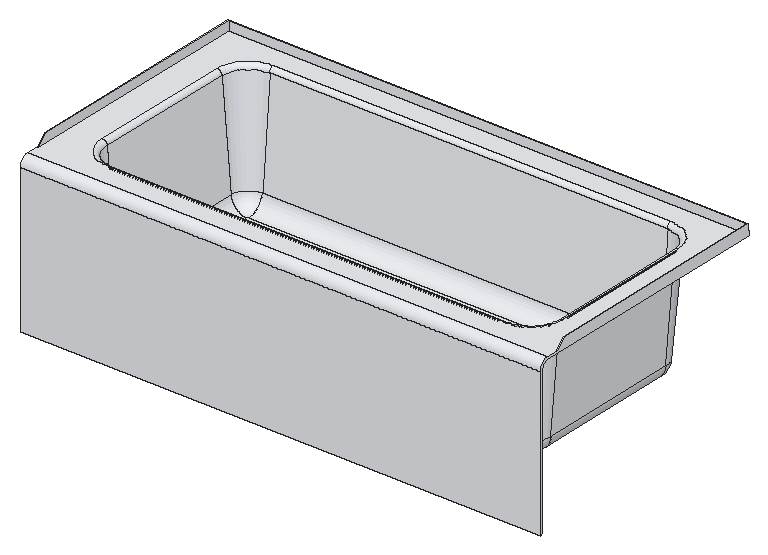
Revit family "Bathtub-American_Standard-Studio-2573_Series", category Plumbing Fixtures, Revit 2014
Parameters (values of type "2573102.011")
  Width = 60"  # constant formula
  Right Overflow Offset = 5"
  Drain Offset = 50 1/4"
  Waste Connection Diameter = 1 3/4"
  Waste Connection = yes
  Warranty Information = "Limited Lifetime Warranty"  # constant formula
  WFU = 4  # constant formula
  Vent Connection = no
  URL = "http://www.americanstandard-us.com"
  Product Page URL = ""
  Product Documentation Link = ""
  Price = "Prices may vary. Please consult Manufacturer Representative for most up-to-date price list."  # constant formula
  Left Overflow Offset = 1"
  Model = "2573102.011"
  Material = "High Gloss Acrylic-American Standard-011-Arctic White"
  Manufacturer = "American Standard"  # constant formula
  Length = 30"  # constant formula
  Installation Type = "Surface Mounted"  # constant formula
  Hot Water Connection Diameter = 1/2"
  Height = 18"  # constant formula
  HWFU = 3  # constant formula
  HW Connection = yes
  Finish = High Gloss Acrylic-American Standard-011-Arctic White
  EverClean Surface = yes
  Drain Length = 14 5/8"  # constant formula
  Description = "Studio Bathing Pool Above Floor Rough with Built-In Apron"  # constant formula
  Default Elevation = 0"  # constant formula
  Creation Date = "02/27/2019"  # constant formula
  Cold Water Connection Diameter = 1/2"
  CWFU = 3  # constant formula
  CW Connection = yes
  Assembly Code = "D2010510"
Types (5): name | Right Overflow Offset | Drain Offset | Left Overflow Offset | Model | Material | Finish
  (no name) | 5" | 50 1/4" | 1" | "2573102.011" | "High Gloss Acrylic-American Standard-011-Arctic White" | High Gloss Acrylic-American Standard-011-Arctic White
  2573102.020 | 5" | 50 1/4" | 1" | "2573102.020" | "High Gloss Acrylic-American Standard-020-White" | High Gloss Acrylic-American Standard-020-White
  2573102.011 | 5" | 50 1/4" | 1" | "2573102.011" | "High Gloss Acrylic-American Standard-011-Arctic White" | High Gloss Acrylic-American Standard-011-Arctic White
  2573202.020 | 1" | 9 3/4" | 5" | "2573202.020" | "High Gloss Acrylic-American Standard-020-White" | High Gloss Acrylic-American Standard-020-White
  2573202.011 | 1" | 9 3/4" | 5" | "2573202.011" | "High Gloss Acrylic-American Standard-011-Arctic White" | High Gloss Acrylic-American Standard-011-Arctic White
Reference planes (in)
  plane 1 "Center (Front/Back)": y = 0
  plane 2: z = 0
  plane 3 "Center (Left/Right)": x = 8.25
  plane 4: z = 18
  plane 5: x = 68.25
  plane 6: y = -30
  plane 7: x = 58.5
  plane 8: x = 11.7997
  plane 9: x = 65.19079
  plane 10: y = -14.625
  plane 11: y = -2.48385
  plane 12: y = -26.51615
  plane 13: z = 19
  plane 14: z = 3
  plane 15: z = 3
  plane 16: y = -27.51615
  plane 17: x = 8.375
  plane 18: y = -0.125
  plane 19: x = 68.125
  plane 20: z = 15
  plane 21: x = 38.25
  plane 22: x = 9.25
  plane 23: x = 63.25
Forms (in)
  Sweep 1, solid, material "High Gloss Acrylic-American Standard-011-Arctic White" <- "Finish"
    path origin (0, 0, 0) x (1, 0, 0) y (0, 1, 0)
      loop
        arc (15.5497, -2.48385) -> (12.89805, -3.5822) -> (11.7997, -6.23385) r 3.75
        line (11.7997, -6.23385) -> (11.7997, -22.76615)
        arc (11.7997, -22.76615) -> (12.89805, -25.4178) -> (15.5497, -26.51615) r 3.75
        line (15.5497, -26.51615) -> (61.44079, -26.51615)
        arc (61.44079, -26.51615) -> (64.09244, -25.4178) -> (65.19079, -22.76615) r 3.75
        line (65.19079, -22.76615) -> (65.19079, -6.23385)
        arc (65.19079, -6.23385) -> (64.09244, -3.5822) -> (61.44079, -2.48385) r 3.75
        line (61.44079, -2.48385) -> (15.5497, -2.48385)
    profile origin (38.49525, -2.48385, 0) x (0, 1, 0) y (0, 0, 1)
      loop
        line (0, 18) -> (-0.10361, 18)
        arc (-0.10361, 18) -> (-0.48901, 17.85013) -> (-0.6719, 17.47926) r 0.57046
        line (-0.6719, 17.47926) -> (-1.71477, 5.55923)
        arc (-1.71477, 5.55923) -> (-2.32824, 4.31522) -> (-3.62099, 3.8125) r 1.9135
        line (-3.62099, 3.8125) -> (-3.7255, 3.8125) -> (-3.7255, 3.5625) -> (-3.54615, 3.5625)
        arc (-3.54615, 3.5625) -> (-2.13969, 4.10945) -> (-1.47224, 5.46289) r 2.08184
        line (-1.47224, 5.46289) -> (-0.42354, 17.44954)
        arc (-0.42354, 17.44954) -> (-0.31802, 17.66353) -> (-0.09565, 17.75) r 0.32915
        line (-0.09565, 17.75) -> (0, 17.75) -> (0, 18)
  Extrusion 2, solid, material "High Gloss Acrylic-American Standard-011-Arctic White" <- "Finish"
    sketch origin (0, 0, 0) x (1, 0, 0) y (0, 1, 0)
      loop
        arc (15.5497, -6.20935) -> (15.53238, -6.21652) -> (15.5252, -6.23385) r 0.0245
        line (15.5252, -6.23385) -> (15.5252, -22.76615)
        arc (15.5252, -22.76615) -> (15.53238, -22.78348) -> (15.5497, -22.79065) r 0.0245
        line (15.5497, -22.79065) -> (61.44079, -22.79065)
        arc (61.44079, -22.79065) -> (61.45811, -22.78348) -> (61.46529, -22.76615) r 0.0245
        line (61.46529, -22.76615) -> (61.46529, -6.23385)
        arc (61.46529, -6.23385) -> (61.45811, -6.21652) -> (61.44079, -6.20935) r 0.0245
        line (61.44079, -6.20935) -> (15.5497, -6.20935)
      loop
        circle (58.5, -14.625) r 0.875
    from 3.5625 to 3.8125
  Extrusion 3, solid, material "High Gloss Acrylic-American Standard-011-Arctic White" <- "Finish"
    sketch origin (0, 0, 0) x (1, 0, 0) y (0, 1, 0)
      loop
        line (8.25, 0) -> (8.25, -27.51615) -> (68.25, -27.51615) -> (68.25, 0) -> (8.25, 0)
      loop
        line (61.44079, -2.48385) -> (15.5497, -2.48385)
        arc (15.5497, -2.48385) -> (12.89805, -3.5822) -> (11.7997, -6.23385) r 3.75
        line (11.7997, -6.23385) -> (11.7997, -22.76615)
        arc (11.7997, -22.76615) -> (12.89805, -25.4178) -> (15.5497, -26.51615) r 3.75
        line (15.5497, -26.51615) -> (61.44079, -26.51615)
        arc (61.44079, -26.51615) -> (64.09244, -25.4178) -> (65.19079, -22.76615) r 3.75
        line (65.19079, -22.76615) -> (65.19079, -6.23385)
        arc (65.19079, -6.23385) -> (64.09244, -3.5822) -> (61.44079, -2.48385) r 3.75
    from 17.75 to 18
  Extrusion 4, solid, material "High Gloss Acrylic-American Standard-011-Arctic White" <- "Finish"
    sketch origin (8.25, 0, 0) x (0, 1, 0) y (0, 0, 1)
      loop
        line (-30, 0) -> (-29.75, 0) -> (-29.75, 16.887)
        arc (-29.75, 16.887) -> (-29.49723, 17.49723) -> (-28.887, 17.75) r 0.863
        line (-28.887, 17.75) -> (-27.51615, 17.75) -> (-27.51615, 18) -> (-28.95287, 18)
        arc (-28.95287, 18) -> (-29.6933, 17.6933) -> (-30, 16.95287) r 1.04713
        line (-30, 16.95287) -> (-30, 0)
    from 0 to 60
  Extrusion 5, solid, material "High Gloss Acrylic-American Standard-011-Arctic White" <- "Finish"
    sketch origin (0, 0, 0) x (1, 0, 0) y (0, 1, 0)
      loop
        line (8.25, -27.51615) -> (8.375, -27.51615) -> (8.375, -0.125) -> (68.125, -0.125) -> (68.125, -27.51615) -> (68.25, -27.51615) -> (68.25, 0) -> (8.25, 0) -> (8.25, -27.51615)
    from 18 to 19
  Extrusion 6, void
    sketch origin (8.25, 0, 0) x (0, 1, 0) y (0, 0, 1)
      loop
        line (-27.51615, 18) -> (-26.51615, 19) -> (-27.51615, 19) -> (-27.51615, 18)
    from 0 to 60
  Extrusion 7, void
    sketch origin (8.25, 0, 0) x (0, 1, 0) y (0, 0, 1)
      loop
        circle (-14.625, 15) r 0.75
    from 1 to 0
  Extrusion 8, void
    sketch origin (68.25, 0, 0) x (0, 1, 0) y (0, 0, -1)
      loop
        circle (-14.625, -15) r 0.75
    from 5 to 0
  Extrusion 9, solid, not visible
    sketch origin (0, 0, 0) x (1, 0, 0) y (0, 1, 0)
      loop
        circle (58.5, -14.625) r 0.875
    from 3.5625 to 3.625
Cuts and joins
  Extrusion 7, Extrusion 8 cuts Sweep 1
  Extrusion 8 cuts Extrusion 2
  Extrusion 8 cuts Extrusion 3
  Extrusion 8 cuts Extrusion 4
  Extrusion 6, Extrusion 8 cuts Extrusion 5
  joined: Sweep 1, Extrusion 2, Extrusion 3, Extrusion 4, Extrusion 5
Lines and regions (in)
  Masking region 1
    outline origin (0, 0, 0) x (1, 0, 0) y (0, 1, 0)
      loop
        line (8.25, -30) -> (68.25, -30) -> (68.25, 0) -> (8.25, 0) -> (8.25, -30)
  symbolic lines, detail levels medium+fine
    curve 1: line (15.85165, -3.03192, 0) -> (60.93748, -3.03192, 0)
    curve 2: line (15.85165, -25.76615, 0) -> (60.93748, -25.76615, 0)
    curve 3: line (12.35165, -22.26615, 0) -> (12.35165, -6.53192, 0)
    curve 4: line (64.43748, -6.53192, 0) -> (64.43748, -22.26615, 0)
    curve 5: arc (12.35165, -6.53192, 0) -> (13.37677, -4.05705, 0) -> (15.85165, -3.03192, 0) r 3.5
    curve 6: arc (12.35165, -22.26615, 0) -> (13.37677, -24.74103, 0) -> (15.85165, -25.76615, 0) r 3.5
    curve 7: arc (60.93748, -25.76615, 0) -> (63.41235, -24.74103, 0) -> (64.43748, -22.26615, 0) r 3.5
    curve 8: arc (64.43748, -6.53192, 0) -> (63.41235, -4.05705, 0) -> (60.93748, -3.03192, 0) r 3.5
  symbolic lines, detail levels fine
    curve 9: circle (58.5, -14.625, 0) r 0.875 normal (0, 0, 1)
    curve 10: line (8.375, -27.51615, 0) -> (8.375, -0.125, 0)
    curve 11: line (8.375, -0.125, 0) -> (68.125, -0.125, 0)
    curve 12: line (68.125, -0.125, 0) -> (68.125, -27.51615, 0)
    curve 13: line (68.125, -27.51615, 0) -> (68.25, -27.51615, 0)
    curve 14: line (68.125, -26.51615, 0) -> (68.25, -26.51615, 0)
    curve 15: line (8.25, -27.51615, 0) -> (8.375, -27.51615, 0)
    curve 16: line (8.25, -26.51615, 0) -> (8.375, -26.51615, 0)
Dimensions and locks (in)
  "Width": plane 3 "Center (Left/Right)" to plane 5
  "Length": plane 1 "Center (Front/Back)" to plane 6
  "Height": plane 4 to level
  "Drain Offset": plane 3 "Center (Left/Right)" to plane 7
  locked: plane 3 "Center (Left/Right)" to plane 8 at 3.5497
  locked: plane 9 to plane 5 at 3.05921
  "Drain Length": plane 1 "Center (Front/Back)" to plane 10
  locked: plane 11 to plane 1 "Center (Front/Back)" at 2.48385
  locked: plane 6 to plane 12 at 3.48385
  locked: plane 13 to plane 4 at 1
  locked: plane 14 to level at 3
  locked: plane 15 to level at 3
  locked: plane 16 to plane 12 at 1
  locked: Extrusion 4 sketch curve to plane 6 at 0.25
  locked: plane 4 to Extrusion 4 sketch curve at 0.25
  locked: plane 3 "Center (Left/Right)" to plane 17 at 0.125
  locked: plane 19 to plane 5 at 0.125
  locked: plane 18 to plane 1 "Center (Front/Back)" at 0.125
  locked: plane 20 to plane 4 at 3
  equal spacing: plane 3 "Center (Left/Right)", plane 21, plane 5
  "Left Overflow Offset": plane 3 "Center (Left/Right)" to plane 22
  "Right Overflow Offset": plane 23 to plane 5
  locked: curve 4 to plane 9 at 0.75331
  locked: plane 8 to curve 3 at 0.55194
  locked: plane 11 to curve 1 at 0.54808
  locked: plane 12 to curve 2 at 0.75
  radius of Sweep 1 sketch curve = 3 3/4"  (x4)
  "Waste Connection Diameter": diameter of Extrusion 2 sketch curve
  radius of Extrusion 4 sketch curve = 1.04713"
  radius of Extrusion 4 sketch curve = 0.863"
  diameter of Extrusion 7 sketch curve = 1 1/2"
  diameter of Extrusion 8 sketch curve = 1 1/2"
  radius of curve 5 = 3 1/2"
  radius of curve 6 = 3 1/2"
  radius of curve 7 = 3 1/2"
  radius of curve 8 = 3 1/2"
  aligned and locked: Sweep 1 sketch curve to plane 11
  aligned and locked: Sweep 1 sketch curve to plane 8
  aligned and locked: Sweep 1 sketch curve to plane 12
  aligned and locked: plane 9 to Sweep 1 sketch curve
  aligned and locked: Extrusion 2 sketch curve to Sweep 1  (x4)
  aligned and locked: plane 7 to Extrusion 2 sketch curve
  aligned and locked: plane 10 to Extrusion 2 sketch curve
  aligned and locked: Sweep 1 to Extrusion 2  (x2)
  aligned and locked: plane 1 "Center (Front/Back)" to Extrusion 3 sketch curve
  aligned and locked: plane 3 "Center (Left/Right)" to Extrusion 3 sketch curve
  aligned and locked: Extrusion 3 sketch curve to plane 16
  aligned and locked: Extrusion 3 sketch curve to plane 5
  aligned and locked: Extrusion 3 sketch curve to Sweep 1  (x4)
  aligned and locked: Extrusion 3 to Sweep 1  (x2)
  aligned and locked: Extrusion 4 sketch curve to plane 16
  aligned and locked: plane 4 to Extrusion 4 sketch curve
  aligned and locked: Extrusion 4 sketch curve to plane 6
  aligned and locked: Extrusion 4 sketch curve to level
  aligned and locked: plane 3 "Center (Left/Right)" to Extrusion 5 sketch curve
  aligned and locked: Extrusion 5 sketch curve to plane 17
  aligned and locked: plane 1 "Center (Front/Back)" to Extrusion 5 sketch curve
  aligned and locked: Extrusion 5 sketch curve to plane 18
  aligned and locked: Extrusion 5 sketch curve to plane 5
  aligned and locked: Extrusion 5 sketch curve to plane 19
  aligned and locked: plane 13 to Extrusion 5
  aligned and locked: Extrusion 5 to plane 4
  aligned and locked: Extrusion 5 sketch curve to plane 16  (x2)
  aligned and locked: Extrusion 6 sketch curve to plane 16
  aligned and locked: plane 12 to Extrusion 6 sketch curve
  aligned and locked: plane 4 to Extrusion 6 sketch curve
  aligned and locked: plane 16 to Extrusion 6 sketch curve
  aligned and locked: plane 13 to Extrusion 6 sketch curve
  aligned and locked: Extrusion 6 to plane 3 "Center (Left/Right)"
  aligned and locked: plane 5 to Extrusion 6
  aligned and locked: Extrusion 4 to plane 3 "Center (Left/Right)"
  aligned and locked: plane 5 to Extrusion 4
  aligned and locked: plane 10 to Extrusion 7 sketch curve
  aligned and locked: plane 20 to Extrusion 7 sketch curve
  aligned and locked: plane 22 to Extrusion 7
  aligned and locked: Extrusion 7 to plane 3 "Center (Left/Right)"
  aligned and locked: plane 23 to Extrusion 8
  aligned and locked: plane 5 to Extrusion 8
  aligned and locked: plane 20 to Extrusion 8 sketch curve
  aligned and locked: plane 10 to Extrusion 8 sketch curve
  aligned and locked: Masking region 1 sketch curve to cut or joined group of Sweep 1, Extrusion 2, Extrusion 3, Extrusion 4, Extrusion 5, Extrusion 6, Extrusion 7, Extrusion 8  (x4)
  aligned and locked: curve 9 to cut or joined group of Sweep 1, Extrusion 2, Extrusion 3, Extrusion 4, Extrusion 5, Extrusion 6, Extrusion 7, Extrusion 8
  aligned and locked: curve 10 to cut or joined group of Sweep 1, Extrusion 2, Extrusion 3, Extrusion 4, Extrusion 5, Extrusion 6, Extrusion 7, Extrusion 8
  aligned and locked: curve 11 to cut or joined group of Sweep 1, Extrusion 2, Extrusion 3, Extrusion 4, Extrusion 5, Extrusion 6, Extrusion 7, Extrusion 8
  aligned and locked: curve 12 to cut or joined group of Sweep 1, Extrusion 2, Extrusion 3, Extrusion 4, Extrusion 5, Extrusion 6, Extrusion 7, Extrusion 8
  aligned and locked: curve 13 to cut or joined group of Sweep 1, Extrusion 2, Extrusion 3, Extrusion 4, Extrusion 5, Extrusion 6, Extrusion 7, Extrusion 8
  aligned and locked: curve 14 to cut or joined group of Sweep 1, Extrusion 2, Extrusion 3, Extrusion 4, Extrusion 5, Extrusion 6, Extrusion 7, Extrusion 8
  aligned and locked: curve 15 to cut or joined group of Sweep 1, Extrusion 2, Extrusion 3, Extrusion 4, Extrusion 5, Extrusion 6, Extrusion 7, Extrusion 8
  aligned and locked: curve 16 to cut or joined group of Sweep 1, Extrusion 2, Extrusion 3, Extrusion 4, Extrusion 5, Extrusion 6, Extrusion 7, Extrusion 8
  aligned and locked: cut or joined group of Sweep 1, Extrusion 2, Extrusion 3, Extrusion 4, Extrusion 5, Extrusion 6, Extrusion 7, Extrusion 8 to curve 15
  aligned and locked: plane 3 "Center (Left/Right)" to curve 16
  aligned and locked: cut or joined group of Sweep 1, Extrusion 2, Extrusion 3, Extrusion 4, Extrusion 5, Extrusion 6, Extrusion 7, Extrusion 8 to curve 16
  aligned and locked: plane 5 to curve 13
  aligned and locked: plane 5 to curve 14
  aligned and locked: plane 19 to curve 14
  aligned and locked: cut or joined group of Sweep 1, Extrusion 2, Extrusion 3, Extrusion 4, Extrusion 5, Extrusion 6, Extrusion 7, Extrusion 8 to Extrusion 9
  aligned and locked: Extrusion 9 sketch curve to cut or joined group of Sweep 1, Extrusion 2, Extrusion 3, Extrusion 4, Extrusion 5, Extrusion 6, Extrusion 7, Extrusion 8
Automatic sketch dimensions
  Sweep 1 sketch curve to profile plane = 0"
  profile plane to Sweep 1 sketch curve = 0.09565"
  Sweep 1 sketch curve to Sweep 1 sketch curve = 0.00796"
  Sweep 1 sketch curve to Sweep 1 sketch curve = 0.31994"
  Sweep 1 sketch curve to Sweep 1 sketch curve = 0.24836"
  profile plane to Sweep 1 sketch curve = 1.47224"
  Sweep 1 sketch curve to Sweep 1 sketch curve = 0.24253"
  plane 14 to Sweep 1 sketch curve = 9/16"
  Sweep 1 sketch curve to Sweep 1 sketch curve = 1.83139"
  Sweep 1 sketch curve to Sweep 1 sketch curve = 0.07483"
  Sweep 1 sketch curve to Sweep 1 sketch curve = 0.10452"
  Sweep 1 sketch curve to Sweep 1 sketch curve = 1/4"
  plane 14 to Sweep 1 sketch curve = 2.46289"
  Sweep 1 sketch curve to Sweep 1 sketch curve = 0.09634"
  Sweep 1 sketch curve to Sweep 1 sketch curve = 11.86162"
  Sweep 1 sketch curve to Sweep 1 sketch curve = 0.00869"
  Sweep 1 sketch curve to Sweep 1 sketch curve = 0.02"
  Sweep 1 sketch curve to Sweep 1 sketch curve = 0.02972"
Connectors (in)
  piping at (58.5, -14.625, 3.625), diameter 1.75, driven by "WFU", driven by "Waste Connection Diameter"
    settings: on Extrusion 9, index 1, connector inside diameter 24", connector length 0", flow factor 0, pipe flow 0 GPM, pressure drop 0.00 psi, fitting loss kfactor 0, connector angle 0.00°, fixture units 4, engagement length 0", angle of deflection 0.00°, flow configuration 3, flow direction 2, fitting loss method 0, system type 16, joint type 0, gender type 0, connector reference index -1, connector utility 0, adjustable connector no, is connector primary yes, connector description "1-3/4\" Waste Outlet"
